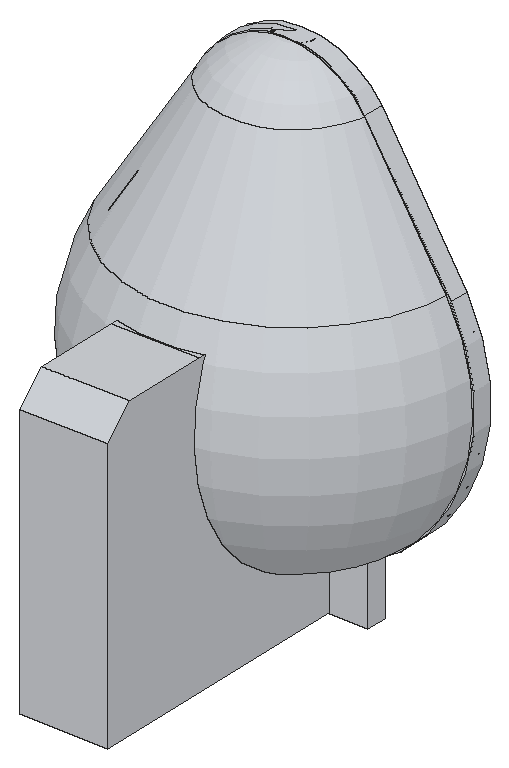
Revit family "Family-sr", category Plumbing Fixtures, host Face, Revit 2014
Parameters
  Default Elevation = 4' - 0"
Reference planes (in)
  plane 1 "Center (Front/Back)": y = 0
  plane 2: z = 0
  plane 3 "Center (Left/Right)": x = 0
  plane 4: x = 3.65625
  plane 5: x = -3.65625
  plane 6: x = 7
  plane 7: x = -7
  plane 8: z = 7.5
  plane 9: z = 17.59375
  plane 10: z = 0.5
  plane 11: z = 12.0731
  plane 12: z = 16.9481
  plane 13: x = 3
  plane 14: x = -3
  plane 15: z = 16.09375
  plane 16: y = -0.25
  plane 17: y = -0.75
  plane 18: z = 1.0106
  plane 19: x = 3.09375
  plane 20: x = -3.09375
Forms (in)
  Revolve 1, solid
    sketch origin (0, -0.25, -4.18565) x (0, 0, -1) y (-1, 0, 0)
      loop
        arc (-16.25875, -6.02566) -> (-9.22764, -6.08019) -> (-5.69625, 0) r 7
        line (-5.69625, 0) -> (-6.19625, 0)
        arc (-6.19625, 0) -> (-9.4731, -5.64458) -> (-15.99973, -5.59794) r 6.5
        line (-15.99973, -5.59794) -> (-20.8721, -2.57392)
        arc (-20.8721, -2.57392) -> (-21.91777, -1.47245) -> (-22.28998, 0) r 3
        line (-22.28998, 0) -> (-22.79, 0)
        arc (-22.79, 0) -> (-22.35472, -1.71553) -> (-21.13577, -2.99875) r 3.5
        line (-21.13577, -2.99875) -> (-16.25875, -6.02566)
      axis (-22.79, 0) -> (-5.69625, 0)
    angle from 0 to 180
  Extrusion 2, solid
    sketch origin (0.03125, -0.25, -4.40074) x (0, 0, -1) y (-1, 0, 0)
      loop
        arc (-16.31246, -6.11221) -> (-10.80767, -6.67673) -> (-6.61734, -3.0625) r 6.99024
        line (-6.61734, -3.0625) -> (-4.40074, -3.0625) -> (-4.40074, 3.125) -> (-6.64834, 3.125)
        arc (-6.64834, 3.125) -> (-10.91205, 6.70838) -> (-16.44046, 6.03277) r 6.98205
        line (-16.44046, 6.03277) -> (-21.4104, 2.94819)
        arc (-21.4104, 2.94819) -> (-23.00527, 0) -> (-21.4104, -2.94819) r 3.52237
        line (-21.4104, -2.94819) -> (-16.31246, -6.11221)
      loop
        line (-20.34476, -1.63051) -> (-15.05004, -3.88749)
        arc (-15.05004, -3.88749) -> (-8.1517, 0) -> (-15.05004, 3.88749) r 4.54455
        line (-15.05004, 3.88749) -> (-20.34476, 1.63051)
        arc (-20.34476, 1.63051) -> (-21.22494, 0) -> (-20.34476, -1.63051) r 1.95034
    from 0.25 to -0.5
  Extrusion 3, solid
    sketch origin (0, 0, 0) x (0, 1, 0) y (0, 0, 1)
      loop
        line (-6.74564, 11.11058) -> (-9.99564, 11.11058) -> (-11, 10.10622) -> (-11, 0) -> (-0.75, 0) -> (-0.75, 1.86803)
        arc (-0.75, 1.86803) -> (-5.87123, 5.08059) -> (-6.30349, 11.11058) r 6.68108
        line (-6.30349, 11.11058) -> (-6.74564, 11.11058)
    from 1.625 to -1.625
Lines and regions (in)
  symbolic lines, style "PlumbingFixtures", detail levels coarse+medium
    curve 1: line (6.02566, 0, 12.0731) -> (2.99522, 0, 16.98797)
    curve 2: arc (2.99522, 0, 16.98797) -> (-0.00478, 0, 18.64699) -> (-3.00478, 0, 16.98797) r 3.54196
    curve 3: line (-3.00478, 0, 16.98797) -> (-6.00282, 0, 12.11922)
    curve 4: arc (-6.00282, 0, 12.11922) -> (-6.72111, 0, 6.54457) -> (-3.08636, 0, 2.25725) r 6.95963
    curve 5: line (-3.08636, 0, 2.25725) -> (-3.08636, 0, 0)
    curve 6: line (3.09375, 0, 0) -> (3.09375, 0, 2.21659)
    curve 7: arc (3.09375, 0, 2.21659) -> (6.70928, 0, 6.50543) -> (6.02566, 0, 12.0731) r 7.01537
Dimensions and locks (in)
  equal spacing: plane 4, plane 3 "Center (Left/Right)", plane 5
  plane 4 to plane 5 = 0' - 7 5/16"
  host face to plane 10 = 0' - 0 1/2"
  plane 10 to plane 8 = 0' - 7"
  plane 8 to plane 9 = 0' - 10 3/32"
  equal spacing: plane 6, plane 3 "Center (Left/Right)", plane 7
  plane 8 to plane 11 = 0' - 4.5731"
  plane 8 to plane 12 = 0' - 9.4481"
  equal spacing: plane 13, plane 3 "Center (Left/Right)", plane 14
  plane 15 to plane 9 = 0' - 1 1/2"
  Extrusion 2 to plane 3 "Center (Left/Right)" = 0' - 3 3/32"
  aligned and locked: plane 2 to host face
  aligned and locked: level to host face
  aligned and locked: plane 1 "Center (Front/Back)" to Extrusion 2
  aligned and locked: Extrusion 3 to level
  aligned and locked: Extrusion 3 to Extrusion 2
Automatic sketch dimensions
  host sketch curve to host sketch curve = 8' - 0"  (x2)
  Revolve 1 sketch curve to Revolve 1 sketch curve = 0' - 0"  (x4)
  Revolve 1 sketch curve to plane 3 "Center (Left/Right)" = 0' - 0"  (x3)
  plane 9 to Revolve 1 sketch curve = 0' - 1.0106"  (x2)
  Revolve 1 sketch curve to plane 11 = 0' - 0"
  plane 8 to Revolve 1 sketch curve = 0' - 1.0106"
  plane 10 to Revolve 1 sketch curve = 0' - 1.0106"  (x2)
  Revolve 1 sketch curve to Revolve 1 sketch curve = 0' - 0 1/2"  (x2)
  Revolve 1 sketch curve to plane 13 = 0' - 0.00125"
  plane 12 to Revolve 1 sketch curve = 0' - 0.00202"
  Revolve 1 sketch curve to plane 12 = 0' - 0.26165"
  plane 3 "Center (Left/Right)" to Revolve 1 sketch curve = 0' - 0.02495"
  Revolve 1 sketch curve to plane 11 = 0' - 0.25901"
  Extrusion 3 sketch curve to level = 0' - 0"
  Extrusion 3 sketch curve to plane 17 = 0' - 0"
  plane 8 to Extrusion 3 sketch curve = 0' - 3.61058"
  Extrusion 3 sketch curve to plane 17 = 0' - 10 1/4"
  plane 16 to Extrusion 3 sketch curve = 0' - 0.10557"
  plane 18 to Extrusion 3 sketch curve = 0' - 0.85743"
  plane 8 to Extrusion 3 sketch curve = 0' - 1.0216"
  Extrusion 3 sketch curve to Extrusion 3 sketch curve = 0' - 1.00436"
  Extrusion 3 sketch curve to Extrusion 3 sketch curve = 0' - 3.69215"
  Extrusion 3 sketch curve to Extrusion 3 sketch curve = 0' - 0.44215"
  plane 3 "Center (Left/Right)" to Extrusion 2 sketch curve = 0' - 0 1/32"  (x3)
  Extrusion 2 sketch curve to plane 20 = 0' - 0"
  Extrusion 2 sketch curve to plane 19 = 0' - 0"
  Extrusion 2 sketch curve to level = 0' - 0"
  plane 18 to Extrusion 2 sketch curve = 0' - 1.206"
  plane 18 to Extrusion 2 sketch curve = 0' - 1.237"
  plane 8 to Extrusion 2 sketch curve = 0' - 0.7955"
  plane 3 "Center (Left/Right)" to Extrusion 2 sketch curve = 0' - 0.01606"
  Extrusion 2 sketch curve to Extrusion 2 sketch curve = 0' - 0.20334"
  plane 3 "Center (Left/Right)" to Extrusion 2 sketch curve = 0' - 0.03986"
  Extrusion 2 sketch curve to Extrusion 2 sketch curve = 0' - 0.00561"
  plane 4 to Extrusion 2 sketch curve = 0' - 0.26249"
  plane 8 to Extrusion 2 sketch curve = 0' - 3.1493"
  Extrusion 2 sketch curve to plane 5 = 0' - 0.19999"
  Extrusion 2 sketch curve to plane 6 = 0' - 0.85654"
  plane 7 to Extrusion 2 sketch curve = 0' - 0.99848"
  Extrusion 2 sketch curve to plane 15 = 0' - 1.21989"
  Extrusion 2 sketch curve to Extrusion 2 sketch curve = 0' - 0.2083"
  Extrusion 2 sketch curve to plane 15 = 0' - 0.14973"  (x2)
  plane 20 to Extrusion 2 sketch curve = 0' - 0.17681"
  Extrusion 2 sketch curve to plane 9 = 0' - 0.58409"
  Extrusion 2 sketch curve to plane 19 = 0' - 0.11431"
  Extrusion 2 sketch curve to plane 19 = 0' - 1.43199"
  curve 5 to Extrusion 2 = 0' - 0.00739"
  curve 5 to Extrusion 2 = 0' - 2.25725"
  Extrusion 2 to curve 1 = 0' - 2.93191"
  curve 2 to Extrusion 2 = 0' - 3.08897"
  curve 2 to curve 4 = 0' - 6.58679"
  curve 1 to Extrusion 2 = 0' - 0.09853"
  curve 1 to curve 2 = 0' - 1.88294"
  curve 2 to curve 3 = 0' - 4.86875"
  curve 5 to Extrusion 2 = 0' - 0"
  curve 7 to curve 5 = 0' - 6.24836"
  curve 4 to curve 7 = 0' - 0.01263"
  curve 2 to curve 1 = 0' - 4.91487"
  curve 6 to Extrusion 2 = 0' - 0"  (x2)
  curve 6 to curve 6 = 0' - 2.21659"
  curve 3 to Extrusion 2 = 0' - 0.08897"
  Extrusion 2 to curve 3 = 0' - 2.90907"
